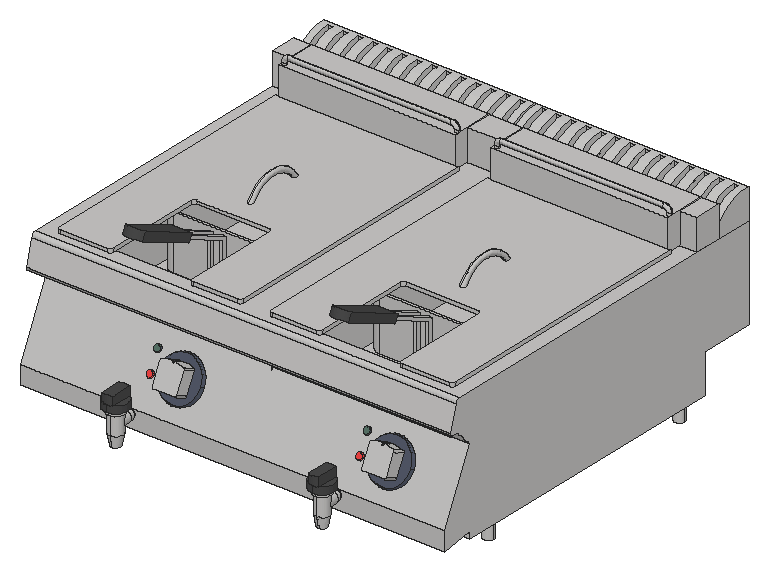
Revit family "QF_ZANUSSI_372080_Z7FREH2E00", category Specialty Equipment, Revit 2018
Family settings
  Round Connector Dimension = Use Diameter
  Part Type = Normal
  Work Plane-Based = No
  Always vertical = Yes
  Cut with Voids When Loaded = No
  Shared = No
  Room Calculation Point = No
Parameters
  Width = 800 mm  # constant formula
  Weight in Pounds = 99  # constant formula
  Weight = 0.00 kg
  Watts = 17400 W  # constant formula
  Volts = 400 V  # constant formula
  URL Manufacturer = "http://www.zanussiprofessional.com"
  URL Cutsheet = "www.electrolux.com/foodservice"
  URL = "http://www.zanussiprofessional.com"
  Type Mark [instance] = ""
  Steam Supply Size = 0"
  Steam Supply Minimum Pressure = 0.00 psi
  Steam Supply Maximum Pressure = 0.00 psi
  Steam Pounds per Hour = 0
  Status [instance] = ""
  Specification by User [instance] = ""
  Specification by Manufacturer = ""
  Show Logo [instance] = yes
  Show Clearance [instance] = yes
  Serial Number = ""
  Seismic Rating = ""
  SMACNA No = ""
  Revision Code [instance] = ""
  Refrigeration Suction Line Size = 0"
  Refrigeration Liquid Line Size = 0"
  Refrigerant Compressor Remote = yes
  Phase = 3  # constant formula
  Omniclass Number and Title = ""
  Number of Poles [instance] = 1
  NAFEM Spec ID Number = ""
  Model = "Z7FREH2E00"
  Min Ckt Ampacity = 0 A
  Max Overcurrent Protection = 0 A
  Masterspec = ""
  Manufacturer = "Zanussi"
  Length Actual = 800 mm  # constant formula
  Item Number [instance] = "372080"
  Installed By [instance] = ""
  Identify Quantity as Lot [instance] = yes
  Hot Water Size = 0"
  Height Actual = 250 mm  # constant formula
  Height = 333 mm  # constant formula
  HP = "23.3 HP"
  Gas Size = 0"
  Gas KW = 0
  Gas Input Pressure = 0.0 Btu/h
  Furnished By [instance] = ""
  Foodservice Equipment Identifier [instance] = yes
  FL Amps = if(Phase = 3, Watts / (Volts * 1.73), Watts / Volts)  # 25.1445 A
  Electrical Remarks [instance] = "400 V/3N ph/50/60 Hz"  # constant formula
  Electric Connection Type [instance] = ""
  Elec Conn RI Height [instance] = 0 mm
  Elec Conn Connection Height [instance] = 0 mm
  Direct Waste Size = 0"
  Description = "2X12 LITRE ELECTRIC FRYER TOP 800 MM"
  Depth Actual = 700 mm  # constant formula
  Depth = 715 mm  # constant formula
  Cycle = if([60 Hertz Option], 60 Hz, 50 Hz)  # 60 Hz
  Conn Plug = ""
  Conn Conduit = yes
  Condensate Return Size = 0"
  Compressed Air Volume = 0 GPM
  Compressed Air Size = 0"
  Compressed Air Pressure = 0.00 psi
  Cold Water Size = 0"
  CSI MasterFormat = ""
  CSI Master Format = ""
  Base Height [instance] = 25 mm  # constant formula
  Apparent Power = if(Phase = 3, Volts * FL Amps * 1.73, Volts * FL Amps)  # 17400 VA
  Accessory = yes
  60 Hertz Option = not([50 Hertz Option])  # yes
  50 Hertz Option = no
Reference planes
  plane 1 "BACK": y = 0
  plane 2: z = 0
  plane 3 "LEFT": x = 0
  plane 4 "RIGHT": x = 800
  plane 5 "FRONT": y = -715
  plane 6 "TOP": z = 333
  plane 7 "Center Y": x = 400
  plane 8 "Center X": y = -357.5
  plane 9 "BASE": z = 25
  plane 10 "TOP A": z = 275
  plane 11: y = -597.884
  plane 12: y = -147.637
  plane 13: z = 366.313
  plane 14: z = 346.238
Forms (mm)
  Extrusion 1, solid, material "QF_Finishes_Stainless Steel"
    sketch origin (0, 0, 0) x (0, 1, 0) y (0, 0, 1)
      loop
        line (0, 99) -> (0, 275) -> (-679.358, 275)
        arc (-679.358, 275) -> (-684.643, 272.811) -> (-686.833, 267.526) r 7.474
        line (-686.833, 267.526) -> (-699.884, 222.011)
        arc (-699.884, 222.011) -> (-699.396, 219.379) -> (-697, 218.184) r 3
        line (-697, 218.184) -> (-686.802, 218.184) -> (-654.982, 186.364) -> (-715, 65.508) -> (-715, 30.508) -> (-658.645, 38.428)
        arc (-658.645, 38.428) -> (-656.101, 37.674) -> (-655, 35.259) r 3.2
        line (-655, 35.259) -> (-655, 25) -> (-103, 25) -> (-103, 99) -> (0, 99)
    from 0 to 800
  Extrusion 2, solid, material "QF_Finishes_Stainless Steel"
    sketch origin (0, 0, 0) x (0, 1, 0) y (0, 0, 1)
      loop
        line (0, 275) -> (0, 333)
        arc (0, 333) -> (-38.715, 324.821) -> (-69.85, 300.4) r 87.358
        line (-69.85, 300.4) -> (-69.85, 275) -> (0, 275)
    from 0 to 800
  Extrusion 3, void
    sketch origin (0, 0, 275) x (-1, 0, 0) y (0, -1, 0)
      loop
        line (-33.338, 147.762) -> (-33.338, 652.863) -> (-373.012, 652.863) -> (-373.012, 147.762) -> (-33.338, 147.762)
      loop
        line (-766.662, 655.762) -> (-766.662, 147.762) -> (-426.987, 147.762) -> (-426.987, 655.762) -> (-766.662, 655.762)
    from 0 to -152.4
  Extrusion 4, void
    sketch origin (0, 0, 275) x (-1, 0, 0) y (0, -1, 0)
      loop
        line (-13.453, 6.761) -> (-13.453, 63.911) -> (-22.749, 63.911) -> (-22.749, 6.761) -> (-13.453, 6.761)
    from 25.4 to 63.5
  Extrusion 5, solid, material "QF_Finishes_Stainless Steel"
    sketch origin (0, 0, 0) x (1, 0, 0) y (0, 1, 0)
      loop
        circle (11.112, -147.638) r 9.525
      loop
        circle (11.112, -597.884) r 9.525
      loop
        circle (788.887, -147.638) r 9.525
      loop
        circle (788.887, -597.884) r 9.525
    from 0 to 25
  Revolve 6, solid, material "QF_Finishes_Stainless Steel"
    sketch origin (206.375, 0, 0) x (0, 1, 0) y (0, 0, 1)
      loop
        line (-747.926, 16.877) -> (-738.917, 16.877) -> (-735.301, 37.388) -> (-735.301, 73.729) -> (-732.023, 73.729) -> (-732.023, 81.608) -> (-725.673, 81.608) -> (-725.673, 94.308) -> (-747.926, 94.308) -> (-747.926, 16.877)
      axis (-747.926, 16.877) -> (-747.926, 94.308)
    angle from 0 to 360
  Revolve 7, solid, material "QF_Finishes_Stainless Steel"
    sketch origin (206.375, 0, 0) x (0, 1, 0) y (0, 0, 1)
      loop
        line (-698.522, 56.75) -> (-749.322, 56.75) -> (-749.322, 44.447) -> (-727.357, 44.447) -> (-727.357, 46.149) -> (-718.364, 46.149) -> (-718.364, 48.196) -> (-698.522, 48.196) -> (-698.522, 56.75)
      axis (-749.322, 56.75) -> (-698.522, 56.75)
    angle from 0 to 360
  Revolve 8, solid, material "QF_Finishes_Stainless Steel"
    sketch origin (595.312, 0, 0) x (0, 1, 0) y (0, 0, 1)
      loop
        line (-747.926, 16.877) -> (-738.917, 16.877) -> (-735.301, 37.388) -> (-735.301, 73.729) -> (-732.023, 73.729) -> (-732.023, 81.608) -> (-725.673, 81.608) -> (-725.673, 94.308) -> (-747.926, 94.308) -> (-747.926, 16.877)
      axis (-747.926, 16.877) -> (-747.926, 94.308)
    angle from 0 to 360
  Revolve 9, solid, material "QF_Finishes_Stainless Steel"
    sketch origin (595.312, 0, 0) x (0, 1, 0) y (0, 0, 1)
      loop
        line (-698.522, 56.75) -> (-749.322, 56.75) -> (-749.322, 44.447) -> (-727.357, 44.447) -> (-727.357, 46.149) -> (-718.364, 46.149) -> (-718.364, 48.196) -> (-698.522, 48.196) -> (-698.522, 56.75)
      axis (-749.322, 56.75) -> (-698.522, 56.75)
    angle from 0 to 360
  Extrusion 10, solid, material "QF_Finishes_Black"
    sketch origin (206.375, -747.926, 94.308) x (0, 1, 0) y (-1, 0, 0)
      loop
        line (20.063, 9.626) -> (-20.063, 9.626)
        arc (-20.063, 9.626) -> (-22.253, 0) -> (-20.063, -9.626) r 22.253
        line (-20.063, -9.626) -> (20.063, -9.626)
        arc (20.063, -9.626) -> (22.253, 0) -> (20.063, 9.626) r 22.253
      loop
        line (20.063, -379.312) -> (-20.063, -379.312)
        arc (-20.063, -379.312) -> (-22.253, -388.937) -> (-20.063, -398.563) r 22.253
        line (-20.063, -398.563) -> (20.063, -398.563)
        arc (20.063, -398.563) -> (22.253, -388.937) -> (20.063, -379.312) r 22.253
    from 0 to 16.412
  Extrusion 11, solid, material "QF_Finishes_Stainless Steel"
    sketch origin (0, -101.6, 102.788) x (0, 0, -1) y (-1, 0, 0)
      loop
        circle (43.882, -736.5) r 12.7
    from 0 to 12.7
  Extrusion 12, solid, material "QF_Finishes_Clearance", visible <- "Show Clearance", detail levels coarse
    sketch origin (0, 0, 0) x (1, 0, 0) y (0, 1, 0)
      loop
        line (0, -715) -> (0, 0) -> (800, 0) -> (800, -715) -> (950.019, -715) -> (950.019, 150.019) -> (-150.019, 150.019) -> (-150.019, -715) -> (0, -715)
    from 0 to 333
  Extrusion 13, solid, material "QF_Finishes_Stainless Steel"
    sketch origin (0, 0, 274.638) x (-1, 0, 0) y (0, -1, 0)
      loop
        arc (-26.988, 655.762) -> (-28.847, 660.252) -> (-33.338, 662.112) r 6.35
        line (-33.338, 662.112) -> (-122.238, 662.112)
        arc (-122.238, 662.112) -> (-126.728, 660.252) -> (-128.588, 655.762) r 6.35
        line (-128.588, 655.762) -> (-128.588, 473.512)
        arc (-128.588, 473.512) -> (-130.447, 469.021) -> (-134.938, 467.162) r 6.35
        line (-134.938, 467.162) -> (-271.412, 467.162)
        arc (-271.412, 467.162) -> (-275.903, 469.021) -> (-277.762, 473.512) r 6.35
        line (-277.762, 473.512) -> (-277.762, 655.762)
        arc (-277.762, 655.762) -> (-279.622, 660.252) -> (-284.112, 662.112) r 6.35
        line (-284.112, 662.112) -> (-366.662, 662.112)
        arc (-366.662, 662.112) -> (-371.153, 660.252) -> (-373.012, 655.762) r 6.35
        line (-373.012, 655.762) -> (-373.012, 147.762) -> (-26.988, 147.762) -> (-26.988, 655.762)
      loop
        line (-773.012, 655.762) -> (-773.012, 147.762) -> (-426.987, 147.762) -> (-426.987, 655.762)
        arc (-426.987, 655.762) -> (-428.847, 660.252) -> (-433.337, 662.112) r 6.35
        line (-433.337, 662.112) -> (-515.887, 662.112)
        arc (-515.887, 662.112) -> (-520.378, 660.252) -> (-522.237, 655.762) r 6.35
        line (-522.237, 655.762) -> (-522.237, 473.512)
        arc (-522.237, 473.512) -> (-524.097, 469.021) -> (-528.587, 467.162) r 6.35
        line (-528.587, 467.162) -> (-665.062, 467.162)
        arc (-665.062, 467.162) -> (-669.553, 469.021) -> (-671.412, 473.512) r 6.35
        line (-671.412, 473.512) -> (-671.412, 655.762)
        arc (-671.412, 655.762) -> (-673.272, 660.252) -> (-677.762, 662.112) r 6.35
        line (-677.762, 662.112) -> (-766.662, 662.112)
        arc (-766.662, 662.112) -> (-771.153, 660.252) -> (-773.012, 655.762) r 6.35
    from 0 to 6.35
  Sweep 14, solid, material "QF_Finishes_Stainless Steel"
    path origin (0, 1.513, 0) x (1, 0, 0) y (0, 0, 1)
      loop
        line (39.688, 333) -> (39.688, 337.85)
        arc (39.688, 337.85) -> (41.547, 342.34) -> (46.038, 344.2) r 6.35
        line (46.038, 344.2) -> (353.919, 344.2)
        arc (353.919, 344.2) -> (358.41, 342.34) -> (360.269, 337.85) r 6.35
        line (360.269, 337.85) -> (360.269, 333)
    profile origin (39.688, 1.513, 335.425) x (-1, 0, 0) y (0, -1, 0)
      loop
        circle (2.09, 140.754) r 3.827
  Extrusion 15, solid, material "QF_Finishes_Black"
    sketch origin (271.462, -708.83, 366.66) x (0, 0.906308, -0.422618) y (-1, 0, 0)
      loop
        line (10.103, 47.37) -> (128.716, 47.37) -> (128.716, 84.605) -> (10.103, 84.605)
        arc (10.103, 84.605) -> (-0.124, 65.987) -> (10.103, 47.37) r 22.059
    from -15.884 to 0
  Extrusion 16, solid, material "QF_Finishes_Stainless Steel"
    sketch origin (271.463, 41.275, 0) x (0, 1, 0) y (0, 0, 1)
      loop
        line (-547.91, 166) -> (-547.91, 267.478) -> (-635.463, 308.305) -> (-638.147, 302.55) -> (-554.26, 263.433) -> (-554.26, 166) -> (-547.91, 166)
    from -80.476 to -74.619
  Extrusion 17, solid, material "QF_Finishes_Stainless Steel"
    sketch origin (139.588, 41.275, 0) x (0, 1, 0) y (0, 0, -1)
      loop
        line (-554.26, -263.433) -> (-638.147, -302.55) -> (-635.463, -308.305) -> (-547.91, -267.478) -> (-547.91, -166) -> (-554.26, -166) -> (-554.26, -263.433)
    from -80.476 to -74.619
  Sweep 18, solid, material "QF_Finishes_Stainless Steel"
    path origin (200.025, -0.124, 0) x (0, 1, 0) y (0, 0, 1)
      loop
        arc (-315.761, 275) -> (-370.2, 308.779) -> (-424.639, 275) r 60.757
    profile origin (200.025, -370.324, 308.779) x (0, 0, -1) y (1, 0, 0)
      loop
        circle (0, 0) r 4.353
  Sweep 19, solid, material "QF_Finishes_Stainless Steel"
    path origin (600.075, -0.124, 0) x (0, 1, 0) y (0, 0, -1)
      loop
        arc (-315.761, -275) -> (-370.2, -308.779) -> (-424.639, -275) r 60.757
    profile origin (600.075, -370.324, 308.779) x (0, 0, 1) y (-1, 0, 0)
      loop
        circle (0, 0) r 4.353
  Extrusion 20, solid, material "QF_Finishes_Black"
    sketch origin (528.637, -708.83, 366.66) x (0, 0.906308, -0.422618) y (-1, 0, 0)
      loop
        arc (10.103, -47.27) -> (-0.124, -65.887) -> (10.103, -84.505) r 22.059
        line (10.103, -84.505) -> (128.716, -84.505) -> (128.716, -47.27) -> (10.103, -47.27)
    from -15.884 to 0
  Extrusion 21, solid, material "QF_Finishes_Mesh"
    sketch origin (0, 0, 275) x (-1, 0, 0) y (0, -1, 0)
      loop
        arc (-116.625, 189.135) -> (-98.665, 196.575) -> (-91.225, 214.535) r 25.4
        line (-91.225, 214.535) -> (-91.225, 473.61)
        arc (-91.225, 473.61) -> (-98.665, 491.571) -> (-116.625, 499.01) r 25.4
        line (-116.625, 499.01) -> (-294.375, 499.01)
        arc (-294.375, 499.01) -> (-312.336, 491.571) -> (-319.775, 473.61) r 25.4
        line (-319.775, 473.61) -> (-319.775, 214.535)
        arc (-319.775, 214.535) -> (-312.336, 196.575) -> (-294.375, 189.135) r 25.4
        line (-294.375, 189.135) -> (-116.625, 189.135)
      loop
        arc (-116.625, 192.31) -> (-100.91, 198.82) -> (-94.4, 214.535) r 22.225
        line (-94.4, 214.535) -> (-94.4, 473.61)
        arc (-94.4, 473.61) -> (-100.91, 489.326) -> (-116.625, 495.835) r 22.225
        line (-116.625, 495.835) -> (-294.375, 495.835)
        arc (-294.375, 495.835) -> (-310.091, 489.326) -> (-316.6, 473.61) r 22.225
        line (-316.6, 473.61) -> (-316.6, 214.535)
        arc (-316.6, 214.535) -> (-310.091, 198.82) -> (-294.375, 192.31) r 22.225
        line (-294.375, 192.31) -> (-116.625, 192.31)
      loop
        line (-683.375, 189.135) -> (-505.625, 189.135)
        arc (-505.625, 189.135) -> (-487.664, 196.575) -> (-480.225, 214.535) r 25.4
        line (-480.225, 214.535) -> (-480.225, 473.61)
        arc (-480.225, 473.61) -> (-487.664, 491.571) -> (-505.625, 499.01) r 25.4
        line (-505.625, 499.01) -> (-683.375, 499.01)
        arc (-683.375, 499.01) -> (-701.335, 491.571) -> (-708.775, 473.61) r 25.4
        line (-708.775, 473.61) -> (-708.775, 214.535)
        arc (-708.775, 214.535) -> (-701.335, 196.575) -> (-683.375, 189.135) r 25.4
      loop
        line (-683.375, 192.31) -> (-505.625, 192.31)
        arc (-505.625, 192.31) -> (-489.909, 198.82) -> (-483.4, 214.535) r 22.225
        line (-483.4, 214.535) -> (-483.4, 473.61)
        arc (-483.4, 473.61) -> (-489.909, 489.326) -> (-505.625, 495.835) r 22.225
        line (-505.625, 495.835) -> (-683.375, 495.835)
        arc (-683.375, 495.835) -> (-699.09, 489.326) -> (-705.6, 473.61) r 22.225
        line (-705.6, 473.61) -> (-705.6, 214.535)
        arc (-705.6, 214.535) -> (-699.09, 198.82) -> (-683.375, 192.31) r 22.225
    from -109 to -5.315
  Extrusion 22, solid, material "QF_Finishes_Stainless Steel"
    sketch origin (528.637, 41.275, 0) x (0, 1, 0) y (0, 0, -1)
      loop
        line (-547.91, -166) -> (-554.26, -166) -> (-554.26, -263.433) -> (-638.147, -302.55) -> (-635.463, -308.305) -> (-547.91, -267.478) -> (-547.91, -166)
    from -80.476 to -74.619
  Extrusion 23, solid, material "QF_Finishes_Stainless Steel"
    sketch origin (660.512, 41.275, 0) x (0, 1, 0) y (0, 0, 1)
      loop
        line (-554.26, 263.433) -> (-554.26, 166) -> (-547.91, 166) -> (-547.91, 267.478) -> (-635.463, 308.305) -> (-638.147, 302.55) -> (-554.26, 263.433)
    from -80.476 to -74.619
  Extrusion 24, void
    sketch origin (361.95, 0, 275) x (-1, 0, 0) y (0, -1, 0)
      loop
        line (-13.403, 6.761) -> (-13.403, 63.911) -> (-22.699, 63.911) -> (-22.699, 6.761) -> (-13.403, 6.761)
    from 25.4 to 63.5
  Extrusion 25, void
    sketch origin (27.842, 0, 275) x (-1, 0, 0) y (0, -1, 0)
      loop
        line (-13.453, 6.761) -> (-13.453, 63.911) -> (-22.749, 63.911) -> (-22.749, 6.761) -> (-13.453, 6.761)
    from 25.4 to 63.5
  Extrusion 26, void
    sketch origin (55.685, 0, 275) x (-1, 0, 0) y (0, -1, 0)
      loop
        line (-13.453, 6.761) -> (-13.453, 63.911) -> (-22.749, 63.911) -> (-22.749, 6.761) -> (-13.453, 6.761)
    from 25.4 to 63.5
  Extrusion 27, void
    sketch origin (83.527, 0, 275) x (-1, 0, 0) y (0, -1, 0)
      loop
        line (-13.453, 6.761) -> (-13.453, 63.911) -> (-22.749, 63.911) -> (-22.749, 6.761) -> (-13.453, 6.761)
    from 25.4 to 63.5
  Extrusion 28, void
    sketch origin (111.369, 0, 275) x (-1, 0, 0) y (0, -1, 0)
      loop
        line (-13.453, 6.761) -> (-13.453, 63.911) -> (-22.749, 63.911) -> (-22.749, 6.761) -> (-13.453, 6.761)
    from 25.4 to 63.5
  Extrusion 29, void
    sketch origin (139.212, 0, 275) x (-1, 0, 0) y (0, -1, 0)
      loop
        line (-13.453, 6.761) -> (-13.453, 63.911) -> (-22.749, 63.911) -> (-22.749, 6.761) -> (-13.453, 6.761)
    from 25.4 to 63.5
  Extrusion 30, void
    sketch origin (167.054, 0, 275) x (-1, 0, 0) y (0, -1, 0)
      loop
        line (-13.453, 6.761) -> (-13.453, 63.911) -> (-22.749, 63.911) -> (-22.749, 6.761) -> (-13.453, 6.761)
    from 25.4 to 63.5
  Extrusion 31, void
    sketch origin (194.896, 0, 275) x (-1, 0, 0) y (0, -1, 0)
      loop
        line (-13.403, 6.761) -> (-13.403, 63.911) -> (-22.699, 63.911) -> (-22.699, 6.761) -> (-13.403, 6.761)
    from 25.4 to 63.5
  Extrusion 32, void
    sketch origin (222.738, 0, 275) x (-1, 0, 0) y (0, -1, 0)
      loop
        line (-13.403, 6.761) -> (-13.403, 63.911) -> (-22.699, 63.911) -> (-22.699, 6.761) -> (-13.403, 6.761)
    from 25.4 to 63.5
  Extrusion 33, void
    sketch origin (250.581, 0, 275) x (-1, 0, 0) y (0, -1, 0)
      loop
        line (-13.403, 6.761) -> (-13.403, 63.911) -> (-22.699, 63.911) -> (-22.699, 6.761) -> (-13.403, 6.761)
    from 25.4 to 63.5
  Extrusion 34, void
    sketch origin (278.423, 0, 275) x (-1, 0, 0) y (0, -1, 0)
      loop
        line (-13.403, 6.761) -> (-13.403, 63.911) -> (-22.699, 63.911) -> (-22.699, 6.761) -> (-13.403, 6.761)
    from 25.4 to 63.5
  Extrusion 35, void
    sketch origin (306.265, 0, 275) x (-1, 0, 0) y (0, -1, 0)
      loop
        line (-13.403, 6.761) -> (-13.403, 63.911) -> (-22.699, 63.911) -> (-22.699, 6.761) -> (-13.403, 6.761)
    from 25.4 to 63.5
  Extrusion 36, void
    sketch origin (334.108, 0, 275) x (-1, 0, 0) y (0, -1, 0)
      loop
        line (-13.403, 6.761) -> (-13.403, 63.911) -> (-22.699, 63.911) -> (-22.699, 6.761) -> (-13.403, 6.761)
    from 25.4 to 63.5
  Extrusion 37, void
    sketch origin (800.1, 0, 275) x (1, 0, 0) y (0, 1, 0)
      loop
        line (-13.553, -6.761) -> (-22.849, -6.761) -> (-22.849, -63.911) -> (-13.553, -63.911) -> (-13.553, -6.761)
    from 25.4 to 63.5
  Extrusion 38, void
    sketch origin (438.15, 0, 275) x (1, 0, 0) y (0, 1, 0)
      loop
        line (-13.503, -6.761) -> (-22.799, -6.761) -> (-22.799, -63.911) -> (-13.503, -63.911) -> (-13.503, -6.761)
    from 25.4 to 63.5
  Extrusion 39, void
    sketch origin (772.258, 0, 275) x (1, 0, 0) y (0, 1, 0)
      loop
        line (-13.553, -6.761) -> (-22.849, -6.761) -> (-22.849, -63.911) -> (-13.553, -63.911) -> (-13.553, -6.761)
    from 25.4 to 63.5
  Extrusion 40, void
    sketch origin (744.415, 0, 275) x (1, 0, 0) y (0, 1, 0)
      loop
        line (-13.553, -6.761) -> (-22.849, -6.761) -> (-22.849, -63.911) -> (-13.553, -63.911) -> (-13.553, -6.761)
    from 25.4 to 63.5
  Extrusion 41, void
    sketch origin (716.573, 0, 275) x (1, 0, 0) y (0, 1, 0)
      loop
        line (-13.553, -6.761) -> (-22.849, -6.761) -> (-22.849, -63.911) -> (-13.553, -63.911) -> (-13.553, -6.761)
    from 25.4 to 63.5
  Extrusion 42, void
    sketch origin (688.731, 0, 275) x (1, 0, 0) y (0, 1, 0)
      loop
        line (-13.553, -6.761) -> (-22.849, -6.761) -> (-22.849, -63.911) -> (-13.553, -63.911) -> (-13.553, -6.761)
    from 25.4 to 63.5
  Extrusion 43, void
    sketch origin (660.888, 0, 275) x (1, 0, 0) y (0, 1, 0)
      loop
        line (-13.553, -6.761) -> (-22.849, -6.761) -> (-22.849, -63.911) -> (-13.553, -63.911) -> (-13.553, -6.761)
    from 25.4 to 63.5
  Extrusion 44, void
    sketch origin (633.046, 0, 275) x (1, 0, 0) y (0, 1, 0)
      loop
        line (-13.553, -6.761) -> (-22.849, -6.761) -> (-22.849, -63.911) -> (-13.553, -63.911) -> (-13.553, -6.761)
    from 25.4 to 63.5
  Extrusion 45, void
    sketch origin (605.204, 0, 275) x (1, 0, 0) y (0, 1, 0)
      loop
        line (-13.503, -6.761) -> (-22.799, -6.761) -> (-22.799, -63.911) -> (-13.503, -63.911) -> (-13.503, -6.761)
    from 25.4 to 63.5
  Extrusion 46, void
    sketch origin (577.362, 0, 275) x (1, 0, 0) y (0, 1, 0)
      loop
        line (-13.503, -6.761) -> (-22.799, -6.761) -> (-22.799, -63.911) -> (-13.503, -63.911) -> (-13.503, -6.761)
    from 25.4 to 63.5
  Extrusion 47, void
    sketch origin (549.519, 0, 275) x (1, 0, 0) y (0, 1, 0)
      loop
        line (-13.503, -6.761) -> (-22.799, -6.761) -> (-22.799, -63.911) -> (-13.503, -63.911) -> (-13.503, -6.761)
    from 25.4 to 63.5
  Extrusion 48, void
    sketch origin (521.677, 0, 275) x (1, 0, 0) y (0, 1, 0)
      loop
        line (-13.503, -6.761) -> (-22.799, -6.761) -> (-22.799, -63.911) -> (-13.503, -63.911) -> (-13.503, -6.761)
    from 25.4 to 63.5
  Extrusion 49, void
    sketch origin (493.835, 0, 275) x (1, 0, 0) y (0, 1, 0)
      loop
        line (-13.503, -6.761) -> (-22.799, -6.761) -> (-22.799, -63.911) -> (-13.503, -63.911) -> (-13.503, -6.761)
    from 25.4 to 63.5
  Extrusion 50, void
    sketch origin (465.992, 0, 275) x (1, 0, 0) y (0, 1, 0)
      loop
        line (-13.503, -6.761) -> (-22.799, -6.761) -> (-22.799, -63.911) -> (-13.503, -63.911) -> (-13.503, -6.761)
    from 25.4 to 63.5
  Extrusion 51, void
    sketch origin (418.151, 0, 275) x (1, 0, 0) y (0, 1, 0)
      loop
        line (-16.563, 0) -> (-19.738, 0) -> (-19.738, -69.85) -> (-16.563, -69.85) -> (-16.563, 0)
    from 25.4 to 63.5
  Extrusion 52, solid, material "QF_Finishes_Stainless Steel"
    sketch origin (-77.88, -4572, 275) x (-1, 0, 0) y (0, -1, 0)
      loop
        line (-77.88, -4502.15) -> (-77.88, -4451.35) -> (-109.63, -4451.35) -> (-109.63, -4502.15) -> (-77.88, -4502.15)
      loop
        line (-509.63, -4502.15) -> (-446.13, -4502.15) -> (-446.13, -4451.35) -> (-509.63, -4451.35) -> (-509.63, -4502.15)
      loop
        line (-877.88, -4502.15) -> (-846.13, -4502.15) -> (-846.13, -4451.35) -> (-877.88, -4451.35) -> (-877.88, -4502.15)
    from 0 to 58.738
  Extrusion 53, solid, material "QF_Finishes_Stainless Steel"
    sketch origin (-77.88, -4572, 275) x (-1, 0, 0) y (0, -1, 0)
      loop
        line (-111.217, -4424.238) -> (-444.542, -4424.238) -> (-444.542, -4502.15) -> (-111.217, -4502.15) -> (-111.217, -4424.238)
      loop
        line (-844.542, -4424.238) -> (-844.542, -4502.15) -> (-511.217, -4502.15) -> (-511.217, -4424.238) -> (-844.542, -4424.238)
    from 0 to 58.738
  Sweep 54, solid, material "QF_Finishes_Stainless Steel"
    path origin (800.1, 1.513, 0) x (-1, 0, 0) y (0, 0, -1)
      loop
        line (39.788, -333) -> (39.788, -337.85)
        arc (39.788, -337.85) -> (41.647, -342.34) -> (46.138, -344.2) r 6.35
        line (46.138, -344.2) -> (354.019, -344.2)
        arc (354.019, -344.2) -> (358.51, -342.34) -> (360.369, -337.85) r 6.35
        line (360.369, -337.85) -> (360.369, -333)
    profile origin (760.312, 1.513, 335.425) x (-1, 0, 0) y (0, -1, 0)
      loop
        circle (-2.09, 140.754) r 3.827
  Blend 55, solid, material "QF_Finishes_Navy Blue"
    base sketch origin (675, -684.991, 125.936) x (1, 0, 0) y (0, 0.444781, 0.895639)
      loop
        circle (0, 0) r 42.5
    top sketch origin (675, -684.991, 125.936) x (1, 0, 0) y (0, 0.444781, 0.895639)
      loop
        circle (0, 0) r 40.5
    from 0 to 5
  Extrusion 56, solid, material "QF_Finishes_Stainless Steel"
    sketch origin (675, -684.991, 125.936) x (1, 0, 0) y (0, 0.444781, 0.895639)
      loop
        arc (-21.147, 22.789) -> (-22.494, 21.685) -> (-23, 20.019) r 2.997
        line (-23, 20.019) -> (-23, -20.019)
        arc (-23, -20.019) -> (-22.122, -22.138) -> (-20.003, -23.016) r 2.997
        line (-20.003, -23.016) -> (20.003, -23.016)
        arc (20.003, -23.016) -> (22.122, -22.138) -> (23, -20.019) r 2.997
        line (23, -20.019) -> (23, 20.019)
        arc (23, 20.019) -> (22.494, 21.685) -> (21.147, 22.789) r 2.997
        arc (21.147, 22.789) -> (0, 26.984) -> (-21.147, 22.789) r 55.4
    from 10 to 34
  Extrusion 57, solid, material "QF_Finishes_Stainless Steel"
    sketch origin (675, -684.991, 125.936) x (1, 0, 0) y (0, 0.444781, 0.895639)
      loop
        line (17.5, 17.5) -> (-17.5, 17.5) -> (-17.5, -17.5) -> (17.5, -17.5) -> (17.5, 17.5)
    from 5 to 10
  Extrusion 58, solid, material "QF_Plastic-Black-Matte"
    sketch origin (595, -684.991, 125.936) x (0, 0.444781, 0.895639) y (0, 0.895639, -0.444781)
      loop
        line (26.984, -34) -> (23.984, -34) -> (23.984, -35) -> (26.984, -35)
        arc (26.984, -35) -> (27.691, -34.707) -> (27.984, -34) r 1
        line (27.984, -34) -> (27.984, -19) -> (26.984, -19) -> (26.984, -34)
    from -81 to -79
  Extrusion 59, solid, material "QF_Finishes_Red"
    sketch origin (675, -689.439, 116.98) x (1, 0, 0) y (0, 0.444781, 0.895639)
      loop
        circle (-55.001, 0) r 6
    from 0 to 1.6
  Extrusion 60, solid, material "QF_Finishes_DarkGreen"
    sketch origin (675, -671.648, 152.805) x (1, 0, 0) y (0, 0.444781, 0.895639)
      loop
        circle (-55.001, 0) r 6
    from 0 to 1.6
  Blend 61, solid, material "QF_Finishes_Navy Blue"
    base sketch origin (280, -684.991, 125.936) x (1, 0, 0) y (0, 0.444781, 0.895639)
      loop
        circle (0, 0) r 42.5
    top sketch origin (280, -684.991, 125.936) x (1, 0, 0) y (0, 0.444781, 0.895639)
      loop
        circle (0, 0) r 40.5
    from 0 to 5
  Extrusion 62, solid, material "QF_Finishes_Stainless Steel"
    sketch origin (280, -684.991, 125.936) x (1, 0, 0) y (0, 0.444781, 0.895639)
      loop
        arc (-21.147, 22.789) -> (-22.494, 21.685) -> (-23, 20.019) r 2.997
        line (-23, 20.019) -> (-23, -20.019)
        arc (-23, -20.019) -> (-22.122, -22.138) -> (-20.003, -23.016) r 2.997
        line (-20.003, -23.016) -> (20.003, -23.016)
        arc (20.003, -23.016) -> (22.122, -22.138) -> (23, -20.019) r 2.997
        line (23, -20.019) -> (23, 20.019)
        arc (23, 20.019) -> (22.494, 21.685) -> (21.147, 22.789) r 2.997
        arc (21.147, 22.789) -> (0, 26.984) -> (-21.147, 22.789) r 55.4
    from 10 to 34
  Extrusion 63, solid, material "QF_Finishes_Stainless Steel"
    sketch origin (280, -684.991, 125.936) x (1, 0, 0) y (0, 0.444781, 0.895639)
      loop
        line (17.5, 17.5) -> (-17.5, 17.5) -> (-17.5, -17.5) -> (17.5, -17.5) -> (17.5, 17.5)
    from 5 to 10
  Extrusion 64, solid, material "QF_Plastic-Black-Matte"
    sketch origin (200, -684.991, 125.936) x (0, 0.444781, 0.895639) y (0, 0.895639, -0.444781)
      loop
        line (26.984, -34) -> (23.984, -34) -> (23.984, -35) -> (26.984, -35)
        arc (26.984, -35) -> (27.691, -34.707) -> (27.984, -34) r 1
        line (27.984, -34) -> (27.984, -19) -> (26.984, -19) -> (26.984, -34)
    from -81 to -79
  Extrusion 65, solid, material "QF_Finishes_Red"
    sketch origin (280, -689.439, 116.98) x (1, 0, 0) y (0, 0.444781, 0.895639)
      loop
        circle (-55.001, 0) r 6
    from 0 to 1.6
  Extrusion 66, solid, material "QF_Finishes_DarkGreen"
    sketch origin (280, -671.648, 152.805) x (1, 0, 0) y (0, 0.444781, 0.895639)
      loop
        circle (-55.001, 0) r 6
    from 0 to 1.6
Cuts and joins
  Extrusion 3, Extrusion 4 cuts Extrusion 1
  Extrusion 4, Extrusion 24, Extrusion 25, Extrusion 26, Extrusion 27, Extrusion 28, Extrusion 29, Extrusion 30, Extrusion 31, Extrusion 32, Extrusion 33, Extrusion 34, Extrusion 35, Extrusion 36, Extrusion 37, Extrusion 38, Extrusion 39, Extrusion 40, Extrusion 41, Extrusion 42, Extrusion 43, Extrusion 44, Extrusion 45, Extrusion 46, Extrusion 47, Extrusion 48, Extrusion 49, Extrusion 50, Extrusion 51 cuts Extrusion 2
  joined: Extrusion 13, Sweep 18, Sweep 19
  Extrusion 24, Extrusion 25, Extrusion 26, Extrusion 27, Extrusion 28, Extrusion 29, Extrusion 30, Extrusion 31, Extrusion 32, Extrusion 33, Extrusion 34, Extrusion 35, Extrusion 36, Extrusion 37, Extrusion 38, Extrusion 39, Extrusion 40, Extrusion 41, Extrusion 42, Extrusion 43, Extrusion 44, Extrusion 45, Extrusion 46, Extrusion 47, Extrusion 48, Extrusion 49, Extrusion 50, Extrusion 51 cuts Extrusion 12
Lines and regions (mm)
  Split face 1
    outline origin (676.664, -684.796, 137.57) x (1, 0, 0) y (0, 0.444781, 0.895639)
      loop
        circle (-34, 0) r 1.5
  Split face 2
    outline origin (673.297, -687.581, 131.962) x (1, 0, 0) y (0, 0.444781, 0.895639)
      loop
        circle (-30.633, -14.752) r 1.5
  Split face 3
    outline origin (676.214, -689.88, 127.332) x (1, 0, 0) y (0, 0.444781, 0.895639)
      loop
        circle (-21.199, -26.582) r 1.5
  Split face 4
    outline origin (682.566, -689.848, 127.397) x (1, 0, 0) y (0, 0.444781, 0.895639)
      loop
        circle (-7.566, -33.148) r 1.5
  Split face 5
    outline origin (687.419, -686.96, 133.212) x (1, 0, 0) y (0, 0.444781, 0.895639)
      loop
        circle (7.566, -33.148) r 1.5
  Split face 6
    outline origin (686.137, -682.319, 142.558) x (1, 0, 0) y (0, 0.444781, 0.895639)
      loop
        circle (21.199, -26.582) r 1.5
  Split face 7
    outline origin (676.703, -678.235, 150.783) x (1, 0, 0) y (0, 0.444781, 0.895639)
      loop
        circle (30.633, -14.752) r 1.5
  Split face 8
    outline origin (660.985, -677.235, 152.796) x (1, 0, 0) y (0, 0.444781, 0.895639)
      loop
        circle (34, 0) r 1.5
  Split face 9
    outline origin (675, -689.469, 128.16) x (1, 0, 0) y (0, 0.444781, 0.895639)
      loop
        circle (0, 34) r 1.5
  Split face 10
    outline origin (281.664, -684.796, 137.57) x (1, 0, 0) y (0, 0.444781, 0.895639)
      loop
        circle (-34, 0) r 1.5
  Split face 11
    outline origin (278.297, -687.581, 131.962) x (1, 0, 0) y (0, 0.444781, 0.895639)
      loop
        circle (-30.633, -14.752) r 1.5
  Split face 12
    outline origin (281.214, -689.88, 127.332) x (1, 0, 0) y (0, 0.444781, 0.895639)
      loop
        circle (-21.199, -26.582) r 1.5
  Split face 13
    outline origin (287.566, -689.848, 127.397) x (1, 0, 0) y (0, 0.444781, 0.895639)
      loop
        circle (-7.566, -33.148) r 1.5
  Split face 14
    outline origin (292.419, -686.96, 133.212) x (1, 0, 0) y (0, 0.444781, 0.895639)
      loop
        circle (7.566, -33.148) r 1.5
  Split face 15
    outline origin (291.137, -682.319, 142.558) x (1, 0, 0) y (0, 0.444781, 0.895639)
      loop
        circle (21.199, -26.582) r 1.5
  Split face 16
    outline origin (281.703, -678.235, 150.783) x (1, 0, 0) y (0, 0.444781, 0.895639)
      loop
        circle (30.633, -14.752) r 1.5
  Split face 17
    outline origin (265.985, -677.235, 152.796) x (1, 0, 0) y (0, 0.444781, 0.895639)
      loop
        circle (34, 0) r 1.5
  Split face 18
    outline origin (280, -689.469, 128.16) x (1, 0, 0) y (0, 0.444781, 0.895639)
      loop
        circle (0, 34) r 1.5
  symbolic lines, style "QF-Clearances", visible <- "Show Clearance", detail levels coarse
    curve 1: line (-150.019, 150.019, 275) -> (-150.019, -716.377, 275)
    curve 2: line (950.019, 150.019, 275) -> (-150.019, 150.019, 275)
    curve 3: line (950.019, -716.377, 275) -> (950.019, 150.019, 275)
  symbolic lines
    curve 4: line (0, 0, 275) -> (800, 0, 275)
    curve 5: line (0, -715, 275) -> (0, 0, 275)
    curve 6: line (800, 0, 275) -> (800, -715, 275)
    curve 7: line (22.699, -6.761, 275) -> (22.699, -63.911, 275)
    curve 8: line (13.403, -63.911, 275) -> (13.403, -6.761, 275)
    curve 9: line (13.403, -6.761, 275) -> (22.699, -6.761, 275)
    curve 10: line (26.988, -147.762, 275) -> (26.988, -655.762, 275)
    curve 11: arc (26.988, -655.762, 275) -> (28.847, -660.252, 275) -> (33.338, -662.112, 275) r 6.35
    curve 12: line (33.338, -662.112, 275) -> (122.188, -662.112, 275)
    curve 13: arc (122.188, -662.112, 275) -> (126.678, -660.252, 275) -> (128.538, -655.762, 275) r 6.35
    curve 14: line (128.538, -655.762, 275) -> (128.538, -473.512, 275)
    curve 15: arc (128.537, -473.512, 275) -> (130.397, -469.021, 275) -> (134.887, -467.162, 275) r 6.35
    curve 16: line (134.887, -467.162, 275) -> (271.412, -467.162, 275)
    curve 17: arc (271.412, -467.162, 275) -> (275.903, -469.021, 275) -> (277.762, -473.512, 275) r 6.35
    curve 18: line (277.762, -473.512, 275) -> (277.762, -655.762, 275)
    curve 19: arc (277.762, -655.762, 275) -> (279.622, -660.252, 275) -> (284.112, -662.112, 275) r 6.35
    curve 20: line (284.112, -662.112, 275) -> (366.662, -662.112, 275)
    curve 21: arc (366.662, -662.112, 275) -> (371.153, -660.252, 275) -> (373.012, -655.762, 275) r 6.35
    curve 22: line (373.012, -655.762, 275) -> (373.012, -147.762, 275)
    curve 23: line (373.012, -147.762, 275) -> (26.988, -147.762, 275)
    curve 24: line (0, -69.85, 275) -> (398.412, -69.85, 275)
    curve 25: line (224.093, -706.386, 275) -> (224.093, -592.174, 275)
    curve 26: line (224.093, -592.174, 275) -> (186.858, -592.174, 275)
    curve 27: line (186.858, -592.174, 275) -> (186.858, -706.386, 275)
    curve 28: spline (224.093, -706.386, 275) -> (221.86, -709.048, 275) -> (219.17, -711.336, 275) -> (216.096, -713.185, 275) -> (212.725, -714.544, 275) -> (209.152, -715.375, 275) -> (205.475, -715.655, 275) -> (201.799, -715.375, 275) -> (198.225, -714.544, 275) -> (194.855, -713.185, 275) -> (191.781, -711.336, 275) -> (189.09, -709.048, 275) -> (186.858, -706.386, 275)
    curve 29: line (128.538, -655.762, 275) -> (186.858, -655.762, 275)
    curve 30: line (224.093, -655.762, 275) -> (277.762, -655.762, 275)
    curve 31: line (196.794, -499.01, 275) -> (196.794, -592.174, 275)
    curve 32: line (190.937, -592.174, 275) -> (190.937, -499.01, 275)
    curve 33: line (220.014, -499.01, 275) -> (220.014, -592.174, 275)
    curve 34: line (214.157, -592.174, 275) -> (214.157, -499.01, 275)
    curve 35: spline (186.858, -699.673, 275) -> (189.09, -702.336, 275) -> (191.781, -704.623, 275) -> (194.855, -706.473, 275) -> (198.225, -707.832, 275) -> (201.799, -708.663, 275) -> (205.475, -708.942, 275) -> (209.152, -708.663, 275) -> (212.725, -707.832, 275) -> (216.096, -706.473, 275) -> (219.17, -704.623, 275) -> (221.86, -702.336, 275) -> (224.093, -699.673, 275)
    curve 36: line (195.52, -420.932, 275) -> (195.52, -319.469, 275)
    curve 37: line (204.418, -319.469, 275) -> (204.418, -420.932, 275)
    curve 38: arc (195.52, -420.932, 275) -> (199.969, -425.382, 275) -> (204.418, -420.932, 275) r 4.449
    curve 39: arc (195.52, -319.469, 275) -> (199.969, -315.02, 275) -> (204.418, -319.469, 275) r 4.449
    curve 40: line (128.538, -495.835, 275) -> (277.762, -495.835, 275)
    curve 41: line (128.538, -499.01, 275) -> (277.762, -499.01, 275)
    curve 42: line (773.012, -147.762, 275) -> (773.012, -655.762, 275)
    curve 43: arc (773.012, -655.762, 275) -> (771.153, -660.252, 275) -> (766.662, -662.112, 275) r 6.35
    curve 44: line (766.662, -662.112, 275) -> (677.762, -662.112, 275)
    curve 45: arc (677.762, -662.112, 275) -> (673.272, -660.252, 275) -> (671.412, -655.762, 275) r 6.35
    curve 46: line (671.412, -655.762, 275) -> (671.412, -473.512, 275)
    curve 47: arc (671.413, -473.512, 275) -> (669.553, -469.021, 275) -> (665.063, -467.162, 275) r 6.35
    curve 48: line (665.063, -467.162, 275) -> (528.538, -467.162, 275)
    curve 49: arc (528.538, -467.162, 275) -> (524.047, -469.021, 275) -> (522.188, -473.512, 275) r 6.35
    curve 50: line (522.188, -473.512, 275) -> (522.188, -655.762, 275)
    curve 51: arc (522.188, -655.762, 275) -> (520.328, -660.252, 275) -> (515.838, -662.112, 275) r 6.35
    curve 52: line (515.838, -662.112, 275) -> (433.338, -662.112, 275)
    curve 53: arc (433.338, -662.112, 275) -> (428.847, -660.252, 275) -> (426.988, -655.762, 275) r 6.35
    curve 54: line (426.988, -655.762, 275) -> (426.988, -147.762, 275)
    curve 55: line (426.988, -147.762, 275) -> (773.012, -147.762, 275)
    curve 56: line (575.857, -706.386, 275) -> (575.857, -592.174, 275)
    curve 57: line (575.857, -592.174, 275) -> (613.092, -592.174, 275)
    curve 58: line (613.092, -592.174, 275) -> (613.092, -706.386, 275)
    curve 59: spline (575.857, -706.386, 275) -> (578.09, -709.048, 275) -> (580.78, -711.336, 275) -> (583.854, -713.185, 275) -> (587.225, -714.544, 275) -> (590.798, -715.375, 275) -> (594.475, -715.655, 275) -> (598.151, -715.375, 275) -> (601.725, -714.544, 275) -> (605.095, -713.185, 275) -> (608.169, -711.336, 275) -> (610.86, -709.048, 275) -> (613.092, -706.386, 275)
    curve 60: line (671.412, -655.762, 275) -> (613.092, -655.762, 275)
    curve 61: line (575.857, -655.762, 275) -> (522.188, -655.762, 275)
    curve 62: line (603.156, -499.01, 275) -> (603.156, -592.174, 275)
    curve 63: line (609.013, -592.174, 275) -> (609.013, -499.01, 275)
    curve 64: line (579.936, -499.01, 275) -> (579.936, -592.174, 275)
    curve 65: line (585.793, -592.174, 275) -> (585.793, -499.01, 275)
    curve 66: spline (613.092, -699.673, 275) -> (610.86, -702.336, 275) -> (608.169, -704.623, 275) -> (605.095, -706.473, 275) -> (601.725, -707.832, 275) -> (598.151, -708.663, 275) -> (594.475, -708.942, 275) -> (590.798, -708.663, 275) -> (587.225, -707.832, 275) -> (583.854, -706.473, 275) -> (580.78, -704.623, 275) -> (578.09, -702.336, 275) -> (575.857, -699.673, 275)
    curve 67: line (604.43, -420.932, 275) -> (604.43, -319.469, 275)
    curve 68: line (595.532, -319.469, 275) -> (595.532, -420.932, 275)
    curve 69: arc (604.43, -420.932, 275) -> (599.981, -425.382, 275) -> (595.532, -420.932, 275) r 4.449
    curve 70: arc (604.43, -319.469, 275) -> (599.981, -315.02, 275) -> (595.532, -319.469, 275) r 4.449
    curve 71: line (671.412, -495.835, 275) -> (522.188, -495.835, 275)
    curve 72: line (671.412, -499.01, 275) -> (522.188, -499.01, 275)
    curve 73: line (37.548, -135.414, 275) -> (362.359, -135.414, 275)
    curve 74: line (37.548, -143.069, 275) -> (37.548, -135.414, 275)
    curve 75: line (362.359, -143.069, 275) -> (37.548, -143.069, 275)
    curve 76: line (362.359, -135.414, 275) -> (362.359, -143.069, 275)
    curve 77: line (437.641, -135.414, 275) -> (762.402, -135.414, 275)
    curve 78: line (437.641, -143.069, 275) -> (437.641, -135.414, 275)
    curve 79: line (762.402, -143.069, 275) -> (437.641, -143.069, 275)
    curve 80: line (762.402, -135.414, 275) -> (762.402, -143.069, 275)
    curve 81: arc (206.325, -770.179, 275) -> (228.578, -747.926, 275) -> (206.325, -725.673, 275) r 22.253
    curve 82: arc (206.325, -725.673, 275) -> (184.072, -747.926, 275) -> (206.325, -770.179, 275) r 22.253
    curve 83: line (196.699, -727.863, 275) -> (196.699, -767.989, 275)
    curve 84: line (215.951, -767.989, 275) -> (215.951, -727.863, 275)
    curve 85: line (217.439, -728.647, 275) -> (217.439, -715, 275)
    curve 86: line (195.318, -728.586, 275) -> (195.318, -715, 275)
    curve 87: arc (593.625, -770.179, 275) -> (571.372, -747.926, 275) -> (593.625, -725.673, 275) r 22.253
    curve 88: arc (593.625, -725.673, 275) -> (615.878, -747.926, 275) -> (593.625, -770.179, 275) r 22.253
    curve 89: line (603.251, -727.863, 275) -> (603.251, -767.989, 275)
    curve 90: line (583.999, -767.989, 275) -> (583.999, -727.863, 275)
    curve 91: line (582.511, -728.647, 275) -> (582.511, -715, 275)
    curve 92: line (604.632, -728.586, 275) -> (604.632, -715, 275)
    curve 93: line (384.649, -6.761, 275) -> (384.649, -63.911, 275)
    curve 94: line (375.353, -63.911, 275) -> (375.353, -6.761, 275)
    curve 95: line (375.353, -6.761, 275) -> (384.649, -6.761, 275)
    curve 96: line (50.541, -6.761, 275) -> (50.541, -63.911, 275)
    curve 97: line (41.245, -63.911, 275) -> (41.245, -6.761, 275)
    curve 98: line (41.245, -6.761, 275) -> (50.541, -6.761, 275)
    curve 99: line (78.383, -6.761, 275) -> (78.383, -63.911, 275)
    curve 100: line (69.087, -63.911, 275) -> (69.087, -6.761, 275)
    curve 101: line (69.087, -6.761, 275) -> (78.383, -6.761, 275)
    curve 102: line (106.225, -6.761, 275) -> (106.225, -63.911, 275)
    curve 103: line (96.93, -63.911, 275) -> (96.93, -6.761, 275)
    curve 104: line (96.93, -6.761, 275) -> (106.225, -6.761, 275)
    curve 105: line (134.068, -6.761, 275) -> (134.068, -63.911, 275)
    curve 106: line (124.772, -63.911, 275) -> (124.772, -6.761, 275)
    curve 107: line (124.772, -6.761, 275) -> (134.068, -6.761, 275)
    curve 108: line (161.91, -6.761, 275) -> (161.91, -63.911, 275)
    curve 109: line (152.614, -63.911, 275) -> (152.614, -6.761, 275)
    curve 110: line (152.614, -6.761, 275) -> (161.91, -6.761, 275)
    curve 111: line (189.752, -6.761, 275) -> (189.752, -63.911, 275)
    curve 112: line (180.457, -63.911, 275) -> (180.457, -6.761, 275)
    curve 113: line (180.457, -6.761, 275) -> (189.752, -6.761, 275)
    curve 114: line (217.595, -6.761, 275) -> (217.595, -63.911, 275)
    curve 115: line (208.299, -63.911, 275) -> (208.299, -6.761, 275)
    curve 116: line (208.299, -6.761, 275) -> (217.595, -6.761, 275)
    curve 117: line (245.437, -6.761, 275) -> (245.437, -63.911, 275)
    curve 118: line (236.141, -63.911, 275) -> (236.141, -6.761, 275)
    curve 119: line (236.141, -6.761, 275) -> (245.437, -6.761, 275)
    curve 120: line (273.279, -6.761, 275) -> (273.279, -63.911, 275)
    curve 121: line (263.984, -63.911, 275) -> (263.984, -6.761, 275)
    curve 122: line (263.984, -6.761, 275) -> (273.279, -6.761, 275)
    curve 123: line (301.122, -6.761, 275) -> (301.122, -63.911, 275)
    curve 124: line (291.826, -63.911, 275) -> (291.826, -6.761, 275)
    curve 125: line (291.826, -6.761, 275) -> (301.122, -6.761, 275)
    curve 126: line (328.964, -6.761, 275) -> (328.964, -63.911, 275)
    curve 127: line (319.668, -63.911, 275) -> (319.668, -6.761, 275)
    curve 128: line (319.668, -6.761, 275) -> (328.964, -6.761, 275)
    curve 129: line (356.806, -6.761, 275) -> (356.806, -63.911, 275)
    curve 130: line (347.511, -63.911, 275) -> (347.511, -6.761, 275)
    curve 131: line (347.511, -6.761, 275) -> (356.806, -6.761, 275)
    curve 132: line (777.251, -6.761, 275) -> (777.251, -63.911, 275)
    curve 133: line (786.547, -63.911, 275) -> (786.547, -6.761, 275)
    curve 134: line (786.547, -6.761, 275) -> (777.251, -6.761, 275)
    curve 135: line (415.301, -6.761, 275) -> (415.301, -63.911, 275)
    curve 136: line (424.597, -63.911, 275) -> (424.597, -6.761, 275)
    curve 137: line (424.597, -6.761, 275) -> (415.301, -6.761, 275)
    curve 138: line (749.409, -6.761, 275) -> (749.409, -63.911, 275)
    curve 139: line (758.705, -63.911, 275) -> (758.705, -6.761, 275)
    curve 140: line (758.705, -6.761, 275) -> (749.409, -6.761, 275)
    curve 141: line (721.567, -6.761, 275) -> (721.567, -63.911, 275)
    curve 142: line (730.863, -63.911, 275) -> (730.863, -6.761, 275)
    curve 143: line (730.863, -6.761, 275) -> (721.567, -6.761, 275)
    curve 144: line (693.725, -6.761, 275) -> (693.725, -63.911, 275)
    curve 145: line (703.02, -63.911, 275) -> (703.02, -6.761, 275)
    curve 146: line (703.02, -6.761, 275) -> (693.725, -6.761, 275)
    curve 147: line (665.882, -6.761, 275) -> (665.882, -63.911, 275)
    curve 148: line (675.178, -63.911, 275) -> (675.178, -6.761, 275)
    curve 149: line (675.178, -6.761, 275) -> (665.882, -6.761, 275)
    curve 150: line (638.04, -6.761, 275) -> (638.04, -63.911, 275)
    curve 151: line (647.336, -63.911, 275) -> (647.336, -6.761, 275)
    curve 152: line (647.336, -6.761, 275) -> (638.04, -6.761, 275)
    curve 153: line (610.198, -6.761, 275) -> (610.198, -63.911, 275)
    curve 154: line (619.493, -63.911, 275) -> (619.493, -6.761, 275)
    curve 155: line (619.493, -6.761, 275) -> (610.198, -6.761, 275)
    curve 156: line (582.355, -6.761, 275) -> (582.355, -63.911, 275)
    curve 157: line (591.651, -63.911, 275) -> (591.651, -6.761, 275)
    curve 158: line (591.651, -6.761, 275) -> (582.355, -6.761, 275)
    curve 159: line (554.513, -6.761, 275) -> (554.513, -63.911, 275)
    curve 160: line (563.809, -63.911, 275) -> (563.809, -6.761, 275)
    curve 161: line (563.809, -6.761, 275) -> (554.513, -6.761, 275)
    curve 162: line (526.671, -6.761, 275) -> (526.671, -63.911, 275)
    curve 163: line (535.966, -63.911, 275) -> (535.966, -6.761, 275)
    curve 164: line (535.966, -6.761, 275) -> (526.671, -6.761, 275)
    curve 165: line (498.828, -6.761, 275) -> (498.828, -63.911, 275)
    curve 166: line (508.124, -63.911, 275) -> (508.124, -6.761, 275)
    curve 167: line (508.124, -6.761, 275) -> (498.828, -6.761, 275)
    curve 168: line (470.986, -6.761, 275) -> (470.986, -63.911, 275)
    curve 169: line (480.282, -63.911, 275) -> (480.282, -6.761, 275)
    curve 170: line (480.282, -6.761, 275) -> (470.986, -6.761, 275)
    curve 171: line (443.144, -6.761, 275) -> (443.144, -63.911, 275)
    curve 172: line (452.439, -63.911, 275) -> (452.439, -6.761, 275)
    curve 173: line (452.439, -6.761, 275) -> (443.144, -6.761, 275)
    curve 174: line (401.587, -69.85, 275) -> (401.587, 0, 275)
    curve 175: line (398.412, 0, 275) -> (398.412, -69.85, 275)
    curve 176: line (401.587, -69.85, 275) -> (800, -69.85, 275)
    curve 205: line (33.287, -69.85, 275) -> (33.287, -147.762, 275)
    curve 206: line (31.7, -120.65, 275) -> (31.7, -69.85, 275)
    curve 207: line (0, -120.65, 275) -> (31.7, -120.65, 275)
    curve 208: line (368.25, -120.65, 275) -> (431.75, -120.65, 275)
    curve 209: line (366.662, -147.762, 275) -> (366.662, -69.85, 275)
    curve 210: line (368.25, -69.85, 275) -> (368.25, -120.65, 275)
    curve 211: line (431.75, -120.65, 275) -> (431.75, -69.85, 275)
    curve 212: line (433.337, -69.85, 275) -> (433.337, -147.762, 275)
    curve 213: line (766.662, -147.762, 275) -> (766.662, -69.85, 275)
    curve 214: line (768.25, -120.65, 275) -> (800, -120.65, 275)
    curve 215: line (768.25, -69.85, 275) -> (768.25, -120.65, 275)
    curve 216: line (0, -700, 0) -> (800, -700, 0)
    curve 217: line (257, -700, 0) -> (257, -724.347, 0)
    curve 218: arc (257, -724.347, 0) -> (257.146, -724.811, 0) -> (257.532, -725.107, 0) r 0.809
    curve 219: arc (257.532, -725.107, 0) -> (258.72, -725.587, 0) -> (259.997, -725.68, 0) r 4.127
    curve 220: arc (257, -704.292, 0) -> (251.959, -702.458, 0) -> (247.191, -700, 0) r 42.24
    curve 221: arc (257, -706.539, 0) -> (257.502, -705.818, 0) -> (258.299, -705.448, 0) r 1.682
    curve 222: arc (258.299, -705.448, 0) -> (268.602, -703.95, 0) -> (279, -703.441, 0) r 109.079
    curve 223: line (279, -700, 0) -> (279, -705.671, 0)
    curve 224: line (279, -705.671, 0) -> (281, -705.671, 0)
    curve 225: line (281, -705.671, 0) -> (281, -700, 0)
    curve 226: line (303, -700, 0) -> (303, -724.347, 0)
    curve 227: arc (303, -724.347, 0) -> (302.854, -724.811, 0) -> (302.468, -725.107, 0) r 0.809
    curve 228: arc (302.468, -725.107, 0) -> (301.28, -725.587, 0) -> (300.003, -725.68, 0) r 4.127
    curve 229: arc (303, -704.292, 0) -> (308.041, -702.458, 0) -> (312.809, -700, 0) r 42.24
    curve 230: arc (303, -706.539, 0) -> (302.498, -705.818, 0) -> (301.701, -705.448, 0) r 1.682
    curve 231: arc (301.701, -705.448, 0) -> (291.398, -703.95, 0) -> (281, -703.441, 0) r 109.079
    curve 232: line (259.997, -725.68, 0) -> (300.003, -725.68, 0)
    curve 233: line (698, -700, 0) -> (698, -724.347, 0)
    curve 234: arc (698, -724.347, 0) -> (697.854, -724.811, 0) -> (697.468, -725.107, 0) r 0.809
    curve 235: arc (697.468, -725.107, 0) -> (696.28, -725.587, 0) -> (695.003, -725.68, 0) r 4.127
    curve 236: arc (698, -704.292, 0) -> (703.041, -702.458, 0) -> (707.809, -700, 0) r 42.24
    curve 237: arc (698, -706.539, 0) -> (697.498, -705.818, 0) -> (696.701, -705.448, 0) r 1.682
    curve 238: arc (696.701, -705.448, 0) -> (686.398, -703.95, 0) -> (676, -703.441, 0) r 109.079
    curve 239: line (676, -700, 0) -> (676, -705.671, 0)
    curve 240: line (676, -705.671, 0) -> (674, -705.671, 0)
    curve 241: line (674, -705.671, 0) -> (674, -700, 0)
    curve 242: line (652, -700, 0) -> (652, -724.347, 0)
    curve 243: arc (652, -724.347, 0) -> (652.146, -724.811, 0) -> (652.532, -725.107, 0) r 0.809
    curve 244: arc (652.532, -725.107, 0) -> (653.72, -725.587, 0) -> (654.997, -725.68, 0) r 4.127
    curve 245: arc (652, -704.292, 0) -> (646.959, -702.458, 0) -> (642.191, -700, 0) r 42.24
    curve 246: arc (652, -706.539, 0) -> (652.502, -705.818, 0) -> (653.299, -705.448, 0) r 1.682
    curve 247: arc (653.299, -705.448, 0) -> (663.602, -703.95, 0) -> (674, -703.441, 0) r 109.079
    curve 248: line (695.003, -725.68, 0) -> (654.997, -725.68, 0)
    curve 249: line (303, -715, 0) -> (589.026, -715, 0)
    curve 250: line (698, -715, 0) -> (800, -715, 0)
    curve 251: line (0, -715, 0) -> (200, -715, 0)
    curve 252: line (211, -715, 0) -> (257, -715, 0)
    curve 253: line (599.988, -715, 0) -> (652, -715, 0)
  symbolic lines, style "SpecialityEquipment"
    curve 177: line (13.453, -63.911, 0) -> (22.749, -63.911, 0)
    curve 178: line (375.403, -63.911, 0) -> (384.699, -63.911, 0)
    curve 179: line (41.295, -63.911, 0) -> (50.591, -63.911, 0)
    curve 180: line (69.137, -63.911, 0) -> (78.433, -63.911, 0)
    curve 181: line (96.98, -63.911, 0) -> (106.275, -63.911, 0)
    curve 182: line (124.822, -63.911, 0) -> (134.118, -63.911, 0)
    curve 183: line (152.664, -63.911, 0) -> (161.96, -63.911, 0)
    curve 184: line (180.507, -63.911, 0) -> (189.802, -63.911, 0)
    curve 185: line (208.349, -63.911, 0) -> (217.645, -63.911, 0)
    curve 186: line (236.191, -63.911, 0) -> (245.487, -63.911, 0)
    curve 187: line (264.034, -63.911, 0) -> (273.329, -63.911, 0)
    curve 188: line (291.876, -63.911, 0) -> (301.172, -63.911, 0)
    curve 189: line (319.718, -63.911, 0) -> (329.014, -63.911, 0)
    curve 190: line (347.561, -63.911, 0) -> (356.856, -63.911, 0)
    curve 191: line (786.597, -63.911, 0) -> (777.301, -63.911, 0)
    curve 192: line (424.647, -63.911, 0) -> (415.351, -63.911, 0)
    curve 193: line (758.755, -63.911, 0) -> (749.459, -63.911, 0)
    curve 194: line (730.913, -63.911, 0) -> (721.617, -63.911, 0)
    curve 195: line (703.07, -63.911, 0) -> (693.775, -63.911, 0)
    curve 196: line (675.228, -63.911, 0) -> (665.932, -63.911, 0)
    curve 197: line (647.386, -63.911, 0) -> (638.09, -63.911, 0)
    curve 198: line (619.543, -63.911, 0) -> (610.248, -63.911, 0)
    curve 199: line (591.701, -63.911, 0) -> (582.405, -63.911, 0)
    curve 200: line (563.859, -63.911, 0) -> (554.563, -63.911, 0)
    curve 201: line (536.016, -63.911, 0) -> (526.721, -63.911, 0)
    curve 202: line (508.174, -63.911, 0) -> (498.878, -63.911, 0)
    curve 203: line (480.332, -63.911, 0) -> (471.036, -63.911, 0)
    curve 204: line (452.489, -63.911, 0) -> (443.194, -63.911, 0)
Dimensions and locks
  equal spacing: plane 3 "LEFT", plane 7 "Center Y", plane 4 "RIGHT"
  "Width": plane 3 "LEFT" to plane 4 "RIGHT"
  equal spacing: plane 5 "FRONT", plane 8 "Center X", plane 1 "BACK"
  "Depth": plane 5 "FRONT" to plane 1 "BACK"
  "Height": plane 6 "TOP" to level
  "Base Height": plane 9 "BASE" to level
  plane 1 "BACK" to plane 5 "FRONT" = 715 mm
  plane 10 "TOP A" to plane 9 "BASE" = 250 mm
  plane 13 to plane 10 "TOP A" = 91.312 mm
  plane 4 "RIGHT" to Extrusion 11 sketch curve = 63.5 mm
  plane 14 to plane 10 "TOP A" = 71.237 mm
  aligned and locked: level to plane 2
  aligned and locked: plane 4 "RIGHT" to Extrusion 1
  aligned and locked: plane 4 "RIGHT" to Extrusion 2
  aligned and locked: Extrusion 5 to plane 9 "BASE"
  aligned and locked: plane 6 "TOP" to Extrusion 12
Automatic sketch dimensions
  Extrusion 1 sketch curve to plane 5 "FRONT" = 0 mm
  Extrusion 1 sketch curve to plane 10 "TOP A" = 0 mm
  Extrusion 1 sketch curve to plane 9 "BASE" = 0 mm
  Extrusion 1 sketch curve to plane 1 "BACK" = 0 mm
  Extrusion 1 sketch curve to plane 5 "FRONT" = 15.116 mm
  Extrusion 1 sketch curve to Extrusion 1 sketch curve = 2.884 mm
  Extrusion 1 sketch curve to plane 10 "TOP A" = 7.474 mm
  Extrusion 1 sketch curve to plane 5 "FRONT" = 28.167 mm
  Extrusion 1 sketch curve to Extrusion 1 sketch curve = 10.198 mm
  plane 9 "BASE" to Extrusion 1 sketch curve = 13.428 mm
  Extrusion 1 sketch curve to plane 5 "FRONT" = 56.355 mm
  Extrusion 1 sketch curve to Extrusion 1 sketch curve = 0.445 mm
  Extrusion 1 sketch curve to Extrusion 1 sketch curve = 3.2 mm
  Extrusion 1 sketch curve to Extrusion 1 sketch curve = 31.82 mm
  Extrusion 1 sketch curve to plane 12 = 44.638 mm
  plane 9 "BASE" to Extrusion 1 sketch curve = 5.508 mm
  Extrusion 1 sketch curve to Extrusion 1 sketch curve = 35 mm
  Extrusion 1 sketch curve to Extrusion 1 sketch curve = 74 mm
  Extrusion 1 sketch curve to Extrusion 1 sketch curve = 81.162 mm
  Extrusion 1 sketch curve to Extrusion 1 sketch curve = 49.342 mm
  Extrusion 1 sketch curve to Extrusion 1 sketch curve = 3 mm
  Extrusion 2 sketch curve to plane 10 "TOP A" = 0 mm
  Extrusion 2 sketch curve to plane 1 "BACK" = 0 mm
  Extrusion 2 sketch curve to plane 6 "TOP" = 0 mm
  plane 1 "BACK" to Extrusion 2 sketch curve = 1.769 mm
  plane 10 "TOP A" to Extrusion 2 sketch curve = 25.4 mm
  plane 1 "BACK" to Extrusion 2 sketch curve = 69.85 mm
  plane 12 to Extrusion 3 sketch curve = 0.124 mm  (x2)
  Extrusion 3 sketch curve to plane 4 "RIGHT" = 33.338 mm
  plane 7 "Center Y" to Extrusion 3 sketch curve = 26.988 mm
  Extrusion 3 sketch curve to plane 7 "Center Y" = 26.988 mm
  plane 3 "LEFT" to Extrusion 3 sketch curve = 33.338 mm
  plane 11 to Extrusion 3 sketch curve = 54.979 mm
  plane 11 to Extrusion 3 sketch curve = 57.877 mm
  plane 1 "BACK" to Extrusion 4 sketch curve = 6.761 mm
  plane 3 "LEFT" to Extrusion 4 sketch curve = 22.749 mm
  Extrusion 4 sketch curve to Extrusion 4 sketch curve = 9.296 mm
  Extrusion 4 sketch curve to Extrusion 4 sketch curve = 57.15 mm
  plane 11 to Extrusion 5 sketch curve = 0 mm  (x2)
  plane 12 to Extrusion 5 sketch curve = 0 mm  (x2)
  plane 3 "LEFT" to Extrusion 5 sketch curve = 11.112 mm  (x2)
  Extrusion 5 sketch curve to plane 4 "RIGHT" = 11.113 mm  (x2)
  Revolve 6 sketch curve to plane 9 "BASE" = 8.123 mm
  plane 5 "FRONT" to Revolve 6 sketch curve = 32.926 mm
  Revolve 6 sketch curve to Revolve 6 sketch curve = 9.009 mm
  plane 5 "FRONT" to Revolve 6 sketch curve = 20.301 mm
  Revolve 6 sketch curve to Revolve 6 sketch curve = 3.277 mm
  Revolve 6 sketch curve to Revolve 6 sketch curve = 6.35 mm
  plane 9 "BASE" to Revolve 6 sketch curve = 12.388 mm
  Revolve 6 sketch curve to Revolve 6 sketch curve = 36.341 mm
  Revolve 6 sketch curve to Revolve 6 sketch curve = 7.879 mm
  Revolve 6 sketch curve to Revolve 6 sketch curve = 12.7 mm  (x2)
  Revolve 6 sketch curve to Revolve 6 sketch curve = 0 mm
  Revolve 6 sketch curve to Revolve 6 sketch curve = 15.064 mm
  plane 5 "FRONT" to Revolve 7 sketch curve = 34.322 mm
  plane 5 "FRONT" to Revolve 7 sketch curve = 12.357 mm
  plane 5 "FRONT" to Revolve 7 sketch curve = 3.364 mm
  Revolve 7 sketch curve to plane 5 "FRONT" = 16.478 mm
  plane 9 "BASE" to Revolve 7 sketch curve = 19.447 mm
  Revolve 7 sketch curve to Revolve 7 sketch curve = 1.702 mm
  Revolve 7 sketch curve to Revolve 7 sketch curve = 2.047 mm
  Revolve 7 sketch curve to Revolve 7 sketch curve = 12.303 mm
  Revolve 7 sketch curve to Revolve 7 sketch curve = 0 mm  (x2)
  Revolve 7 sketch curve to Revolve 7 sketch curve = 9.137 mm
  Revolve 8 sketch curve to plane 9 "BASE" = 8.123 mm
  plane 5 "FRONT" to Revolve 8 sketch curve = 32.926 mm
  Revolve 8 sketch curve to Revolve 8 sketch curve = 9.009 mm
  plane 5 "FRONT" to Revolve 8 sketch curve = 20.301 mm
  Revolve 8 sketch curve to Revolve 8 sketch curve = 3.277 mm
  Revolve 8 sketch curve to Revolve 8 sketch curve = 6.35 mm
